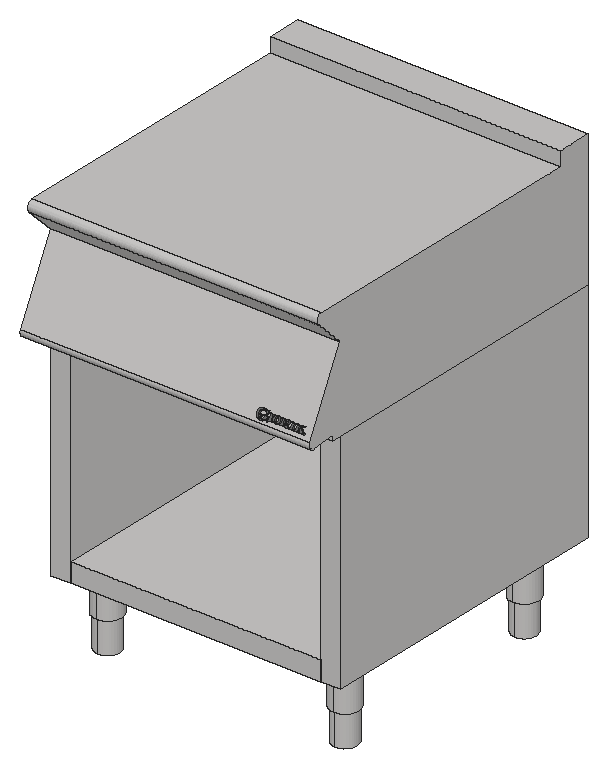
Revit family "QF_GIORIK_EN730G", category Specialty Equipment, Revit 2014
Parameters (values of type "EN730G")
  Weight in Pounds = 132.2772
  URL Cutsheet = "www.giorik.com"
  URL = "www.giorik.com"
  Status [instance] = ""
  Specification by User [instance] = ""
  Specification by Manufacturer = ""
  Show Logo [instance] = yes
  Show Clearance [instance] = yes
  Serial Number = ""
  Seismic Rating = ""
  SMACNA No = ""
  Revision Code [instance] = ""
  NAFEM Spec ID Number = ""
  Model = "EN730G"
  Masterspec = ""
  Manufacturer = "GIORIK"
  Item Number [instance] = ""
  Installed By [instance] = ""
  Identify Quantity as Lot [instance] = no
  Furnished By [instance] = ""
  Foodservice Equipment Identifier [instance] = yes
  Description = "NEUTRAL UNIT ON OPEN BASE UNIT"
  CSI MasterFormat = ""
  Assembly Code = "E1090320"
Reference planes
  plane 1 "Back": y = 0
  plane 2: z = 0
  plane 3 "Left": x = 0
  plane 4 "Right": x = 600
  plane 5 "Front": y = -720
  plane 6 "Top": z = 900
Forms (mm)
  Extrusion 1, solid, visible <- "Show Logo"
    sketch origin (391.604, -736.761, 609.486) x (-1, 0, 0) y (0, 0.452718, 0.891654)
      loop
        line (-118.824, 58.358) -> (-127.804, 58.358) -> (-125.523, 56.445) -> (-125.523, 48.027) -> (-127.804, 46.113) -> (-118.824, 46.113) -> (-121.105, 48.027) -> (-121.105, 56.445) -> (-118.824, 58.358)
      loop
        line (-163.721, 58.358) -> (-172.7, 58.358) -> (-170.42, 56.445) -> (-170.42, 48.027) -> (-172.7, 46.113) -> (-163.721, 46.113) -> (-166.001, 48.027) -> (-166.001, 56.445) -> (-163.721, 58.358)
      loop
        line (-174.332, 58.358) -> (-183.312, 58.358) -> (-181.031, 56.445) -> (-181.031, 52.435) -> (-186.419, 56.955) -> (-184.416, 58.358) -> (-191.268, 58.358) -> (-188.01, 56.839) -> (-185.455, 54.283) -> (-190.846, 47.858) -> (-193.396, 46.93) -> (-193.396, 46.113) -> (-184.416, 46.113) -> (-185.437, 47.571) -> (-182.443, 51.552) -> (-181.031, 50.894) -> (-181.031, 48.027) -> (-183.312, 46.113) -> (-174.332, 46.113) -> (-176.613, 48.027) -> (-176.613, 56.445) -> (-174.332, 58.358)
      loop
        line (-115.429, 62.063) -> (-115.429, 54.198)
        arc (-115.429, 54.198) -> (-111.618, 57.803) -> (-106.847, 59.986) r 16.039
        arc (-106.847, 59.986) -> (-103.314, 59.837) -> (-100.512, 57.68) r 5.851
        arc (-100.512, 57.68) -> (-98.815, 52.267) -> (-100.512, 46.853) r 9.479
        arc (-100.512, 46.853) -> (-102.406, 44.986) -> (-104.846, 43.93) r 7.236
        arc (-104.846, 43.93) -> (-107.728, 44.111) -> (-110.052, 45.825) r 5.11
        line (-110.052, 45.825) -> (-110.052, 52.001) -> (-116.141, 52.001) -> (-116.141, 45.503) -> (-117.893, 43.751) -> (-114.094, 44.769)
        arc (-114.094, 44.769) -> (-112.56, 44.947) -> (-111.129, 44.366) r 3.115
        arc (-111.129, 44.366) -> (-104.216, 42.091) -> (-97.303, 44.366) r 11.641
        arc (-97.303, 44.366) -> (-93.396, 52.107) -> (-97.303, 59.849) r 9.622
        arc (-97.303, 59.849) -> (-104.369, 62.174) -> (-111.435, 59.849) r 11.898
        line (-111.435, 59.849) -> (-115.429, 62.063)
      loop
        arc (-129.234, 56.068) -> (-135.893, 58.628) -> (-142.552, 56.068) r 9.941
        arc (-142.552, 56.068) -> (-144.234, 52.286) -> (-142.552, 48.505) r 5.093
        arc (-142.552, 48.505) -> (-135.893, 45.945) -> (-129.234, 48.505) r 9.941
        arc (-129.234, 48.505) -> (-127.552, 52.286) -> (-129.234, 56.068) r 5.093
      loop
        arc (-132.628, 54.403) -> (-135.893, 57.668) -> (-139.158, 54.403) r 3.265
        line (-139.158, 54.403) -> (-139.158, 50.169)
        arc (-139.158, 50.169) -> (-135.893, 46.904) -> (-132.628, 50.169) r 3.265
        line (-132.628, 50.169) -> (-132.628, 54.403)
      loop
        arc (-156.363, 58.365) -> (-159.647, 55.081) -> (-156.363, 51.796) r 3.285
        line (-156.363, 51.796) -> (-159.529, 47.306) -> (-162.087, 46.113) -> (-155.847, 46.113) -> (-153.529, 51.083) -> (-150.637, 51.083) -> (-150.637, 47.784) -> (-153.022, 46.113) -> (-144.011, 46.113) -> (-146.094, 47.68) -> (-146.094, 56.493) -> (-144.229, 58.365) -> (-156.363, 58.365)
      loop
        line (-150.637, 57.512) -> (-153.637, 57.512)
        arc (-153.637, 57.512) -> (-156.237, 54.912) -> (-153.637, 52.312) r 2.6
        line (-153.637, 52.312) -> (-150.637, 52.312) -> (-150.637, 57.512)
      loop
        line (-108.924, 52.001) -> (-104.936, 49.005) -> (-100.948, 52.001) -> (-108.924, 52.001)
    from 1.5 to -0.5
  Extrusion 2, solid
    sketch origin (-16, 1025.81, 0) x (1, 0, 0) y (0, 1, 0)
      loop
        line (25, -1086.81) -> (25, -1156.81) -> (115, -1156.81) -> (115, -1086.81) -> (25, -1086.81)
    from 148 to 150
  Extrusion 3, solid
    sketch origin (0, 0, 0) x (1, 0, 0) y (0, 1, 0)
      loop
        line (40, -40) -> (40, -640) -> (560, -640) -> (560, -40) -> (40, -40)
    from 150 to 190
  Extrusion 4, solid
    sketch origin (616, 1025.81, 0) x (-1, 0, 0) y (0, -1, 0)
      loop
        line (25, 1086.81) -> (115, 1086.81) -> (115, 1156.81) -> (25, 1156.81) -> (25, 1086.81)
    from 148 to 150
  Extrusion 5, solid
    sketch origin (0, 1000, -20) x (0, 1, 0) y (0, 0, 1)
      loop
        line (-1000, 919.988) -> (-1070, 919.988) -> (-1070, 889.988) -> (-1688.806, 889.988)
        arc (-1688.806, 889.988) -> (-1699.151, 883.075) -> (-1696.724, 870.873) r 11.197
        line (-1696.724, 870.873) -> (-1640.876, 815.025) -> (-1718.948, 661.258)
        arc (-1718.948, 661.258) -> (-1718.233, 650.105) -> (-1708.118, 645.354) r 10.981
        line (-1708.118, 645.354) -> (-1660, 649.925) -> (-1660, 640) -> (-1000, 640) -> (-1000, 919.988)
    from 0 to 600
  Extrusion 6, solid
    sketch origin (0, 0, 599.536) x (1, 0, 0) y (0, 1, 0)
      loop
        line (0, -640) -> (40, -640) -> (40, -40) -> (560, -40) -> (560, -640) -> (600, -640) -> (600, 0) -> (0, 0) -> (0, -640)
    from -449.536 to 20.464
  Extrusion 7, solid
    sketch origin (-16, 560.81, 0) x (1, 0, 0) y (0, 1, 0)
      loop
        line (25, -1086.81) -> (25, -1156.81) -> (115, -1156.81) -> (115, -1086.81) -> (25, -1086.81)
    from 148 to 150
  Revolve 8, solid
    sketch origin (54, 560.81, 0) x (0, 1, 0) y (0, 0, 1)
      loop
        line (-1092.56, 66) -> (-1092.56, 148) -> (-1121.81, 148) -> (-1121.81, 0) -> (-1096.81, 0) -> (-1096.81, 66) -> (-1092.56, 66)
      axis (-1121.81, 0) -> (-1121.81, 148)
    angle from 0 to 360
  Extrusion 9, solid
    sketch origin (616, 560.81, 0) x (-1, 0, 0) y (0, -1, 0)
      loop
        line (25, 1086.81) -> (115, 1086.81) -> (115, 1156.81) -> (25, 1156.81) -> (25, 1086.81)
    from 148 to 150
  Revolve 10, solid
    sketch origin (546, 560.81, 0) x (0, 1, 0) y (0, 0, 1)
      loop
        line (-1092.56, 66) -> (-1092.56, 148) -> (-1121.81, 148) -> (-1121.81, 0) -> (-1096.81, 0) -> (-1096.81, 66) -> (-1092.56, 66)
      axis (-1121.81, 0) -> (-1121.81, 148)
    angle from 0 to 360
  Revolve 11, solid
    sketch origin (546, 1025.81, 0) x (0, 1, 0) y (0, 0, 1)
      loop
        line (-1092.56, 66) -> (-1092.56, 148) -> (-1121.81, 148) -> (-1121.81, 0) -> (-1096.81, 0) -> (-1096.81, 66) -> (-1092.56, 66)
      axis (-1121.81, 0) -> (-1121.81, 148)
    angle from 0 to 360
  Revolve 12, solid
    sketch origin (54, 1025.81, 0) x (0, 1, 0) y (0, 0, 1)
      loop
        line (-1092.56, 66) -> (-1092.56, 148) -> (-1121.81, 148) -> (-1121.81, 0) -> (-1096.81, 0) -> (-1096.81, 66) -> (-1092.56, 66)
      axis (-1121.81, 0) -> (-1121.81, 148)
    angle from 0 to 360
Lines and regions (mm)
  symbolic lines, style "200-EquipBorder-2D"
    curve 1: line (0, -720, 0) -> (600, -720, 0)
    curve 2: line (600, -720, 0) -> (600, 0, 0)
    curve 3: line (600, 0, 0) -> (0, 0, 0)
    curve 4: line (0, 0, 0) -> (0, -720, 0)
  symbolic lines, style "200-EquipInternal-2D"
    curve 5: line (0, -70, 900) -> (600, -70, 900)
Dimensions and locks
  plane 3 "Left" to plane 4 "Right" = 600 mm
  plane 5 "Front" to plane 1 "Back" = 720 mm
  plane 4 "Right" to plane 3 "Left" = 600 mm
  plane 1 "Back" to plane 5 "Front" = 720 mm
  plane 6 "Top" to level = 900 mm  (x2)
  aligned and locked: level to plane 2
